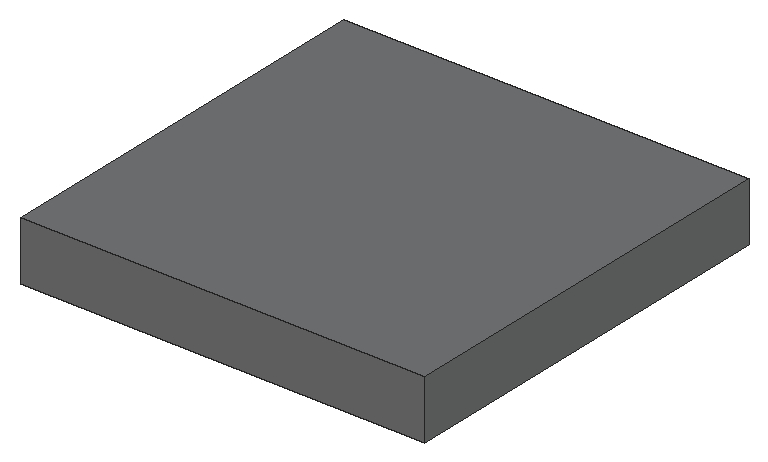
Revit family "Gira_028526", category Electrical Fixtures, host Face, Revit 2017
Family settings
  Host = Face
  Maintain Annotation Orientation = No
  Round Connector Dimension = Use Diameter
  Part Type = Normal
  Cut with Voids When Loaded = No
  Shared = No
  Room Calculation Point = No
Parameters (values of type "Wippe Symb. Licht System 55 F Alu")
  Werkstoffgüte = "Thermoplast"
  Werkstoff = "Kunststoff"
  Verwendung = "Schalter/Taster"
  URL = "http://katalog.gira.de/de_DE/datenblatt.html?artikelnr=028526"
  Region = "DE"
  Oberfläche = "sonstige"
  Name = "Wippe Symb. Licht System 55 F Alu"
  Mit austauschbarer Linse/Symbol = "No"
  Mit Beschriftungsfeld = "No"
  Manufacturer URL = "https://www.gira.de/"
  Kontrollfenster/Lichtauslass = "No"
  Keynote = "Sys55_Abdeckung_Schalten und Tasten"
  HeinzeBIM = "https://bimportal.heinze.de/bim/wippe-symb-licht-system-55-f-alu/5227e7b1f5aafd33c095cfa98066bb95cebaf9ce"
  Halogenfrei = "Yes"
  HAN = "028526"
  Geeignet für Schutzart (IP) = "IP20"
  Geeignet für Bussystem-Tasterankopplung = "No"
  GTIN = "4010337285267"
  Farbe = "aluminium"
  Default Elevation = 1219.2 mm
  Data sheet (1) = "https://katalog.gira.de/de_DE/download.html?artikelnr=028526"
  Category = "Abdeckung/Bedienelement für Installationsschalterprogramme"
  Befestigungsart = "Klemmbefestigung"
  Available = "Yes"
  Ausführung = "einteilige Wippe"
  Aufdruck/Kennzeichnung = "Symbol \"Licht\""
  Anthrazit [instance] = Anthrazit
  Abtastbares Symbol/barrierefrei = "No"
Reference planes
  plane 1 "Center (Front/Back)": y = 0
  plane 2: z = 0
  plane 3 "Center (Left/Right)": x = 0
Forms (mm)
  Extrusion 1, solid, material "Anthrazit" <- "Anthrazit", detail levels fine
    sketch origin (0, 0, 0) x (1, 0, 0) y (0, 1, 0)
      loop
        line (-27.5, 27.5) -> (-27.5, -27.5) -> (27.5, -27.5) -> (27.5, 27.5) -> (-27.5, 27.5)
    from 0 to 8
  Extrusion 2, void
    sketch origin (0, 0, 0) x (1, 0, 0) y (0, 1, 0)
      loop
        line (26, 26) -> (-26, 26) -> (-26, -26) -> (26, -26) -> (26, 26)
    from 0 to 6
  Extrusion 3, solid, material "Anthrazit" <- "Anthrazit", detail levels medium
    sketch origin (0, 0, 0) x (1, 0, 0) y (0, 1, 0)
      loop
        line (-27.5, 27.5) -> (-27.5, -27.5) -> (27.5, -27.5) -> (27.5, 27.5) -> (-27.5, 27.5)
    from 0 to 8
  Extrusion 4, solid, material "Anthrazit" <- "Anthrazit", detail levels medium
    sketch origin (0, 0, 0) x (1, 0, 0) y (0, 1, 0)
      loop
        line (11, -17.5) -> (11, 17.5) -> (-11, 17.5) -> (-11, -17.5) -> (11, -17.5)
    from -6 to 6
  Extrusion 5, solid, material "Anthrazit" <- "Anthrazit", detail levels fine
    sketch origin (0, 0, 0) x (1, 0, 0) y (0, 1, 0)
      loop
        line (11, 17.5) -> (-11, 17.5) -> (-11, 16.5) -> (11, 16.5) -> (11, 17.5)
      loop
        line (-11, -16.5) -> (-11, -17.5) -> (11, -17.5) -> (11, -16.5) -> (-11, -16.5)
    from -4 to 6
  Extrusion 6, solid, material "Anthrazit" <- "Anthrazit", detail levels fine
    sketch origin (0, 0, 0) x (1, 0, 0) y (0, 1, 0)
      loop
        arc (5, 9.347) -> (0, 10.6) -> (-5, 9.347) r 10.6
        line (-5, 9.347) -> (-5, -9.347)
        arc (-5, -9.347) -> (0, -10.6) -> (5, -9.347) r 10.6
        line (5, -9.347) -> (5, 9.347)
    from -6 to 6
  Extrusion 7, solid, material "Anthrazit" <- "Anthrazit", detail levels coarse
    sketch origin (0, 0, 0) x (1, 0, 0) y (0, 1, 0)
      loop
        line (-27.5, 27.5) -> (-27.5, -27.5) -> (27.5, -27.5) -> (27.5, 27.5) -> (-27.5, 27.5)
    from -6 to 8
Cuts and joins
  Extrusion 2 cuts Extrusion 1
Dimensions and locks
  aligned and locked: plane 2 to host face
  aligned and locked: level to host face
